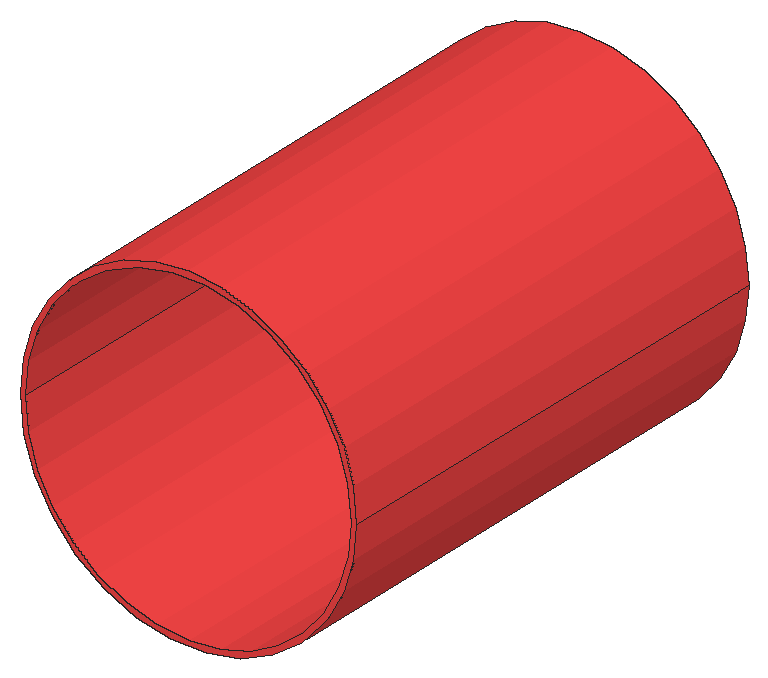
Revit family "M_Firefly Oversleeve_Mechanical", category Specialty Equipment, Revit 2015
Parameters (values of type "FF109 Firefly Oversleeve")
  Width_Calc [instance] = if(Width < 180 mm, if(Width > 50 mm, Width, 50 mm), 180 mm)  # 180 mm
  Wall Width [instance] = 200 mm
  URL = "https://www.tenmat.com/passive-fire-protection"
  Tenmat Item Number = ""
  Youtube clip = "https://www.youtube.com/watch?v=qLyTY9hMMF8&feature=youtu.be"
  Protrusion_Length [instance] = if(Ablative Coated Fire Batts, 60 mm, 25 mm)  # 60 mm
  Pipe Diameter_Calc [instance] = if(Pipe Outside Diameter < 230 mm, if(Pipe Outside Diameter > 15 mm, Pipe Outside Diameter, 15 mm), 230 mm)  # 50 mm
  Insulation Thickness_Calc [instance] = if(Insulation Thickness < 50 mm, if(Insulation Thickness > 5 mm, Insulation Thickness, 5 mm), 50 mm)  # 35 mm
  Insulation Thickness [instance] = 35 mm
  Pipe Material Suitability = "Copper and Steel"
  Performance = "BS EN 1366-3:2009 & BS 476, ETA-12/0332, 1224-CPR-0341, CE Marked"
  OutsideRadius [instance] = InsideRadius + 2 mm  # 62 mm
  Model = ""
  Material = "Intumescent Sealant"
  Manufacturer = "Tenmat ltd"
  Width [instance] = Wall Width + Protrusion_Length * 2  # 320 mm
  IFC Classification = "Building Element Proxy"
  InsideRadius [instance] = (Insulation Thickness_Calc * 2 + Pipe Diameter_Calc) / 2  # 60 mm
  Description = "FireFly 109 Fire Sleeve for 15mm - 219mm pipe and upto 50mm Insulation - Max Oversleeve Width 180mm"
  Pipe Outside Diameter [instance] = 50 mm
  Cut length [instance] = pi() * Pipe Outside Diameter  # 157.08 mm
  Assembly Code = ""
  Ablative Coated Fire Batts [instance] = yes
Reference planes
  plane 1 "Center (Front/Back)": y = 0
  plane 2: z = 0
  plane 3 "Center (Left/Right)": x = 0
  plane 4 "Back": y = 90
  plane 5 "Front": y = -90
  plane 6: y = 0.5
Forms (mm)
  Extrusion 1, solid, material "Tenmat"
    sketch origin (0, 0, 0) x (1, 0, 0) y (0, 0, 1)
      loop
        circle (0, 0) r 60
      loop
        circle (0, 0) r 62
    from -90 to 90
Dimensions and locks
  equal spacing: plane 4 "Back", plane 1 "Center (Front/Back)", plane 5 "Front"
  "Width_Calc": plane 4 "Back" to plane 5 "Front"
  "InsideRadius": radius of Extrusion 1 sketch curve
  "OutsideRadius": radius of Extrusion 1 sketch curve
  aligned and locked: level to plane 2
  aligned and locked: plane 3 "Center (Left/Right)" to Extrusion 1 sketch curve  (x2)
  aligned and locked: plane 2 to Extrusion 1 sketch curve  (x2)
  aligned and locked: plane 4 "Back" to Extrusion 1
  aligned and locked: plane 5 "Front" to Extrusion 1
